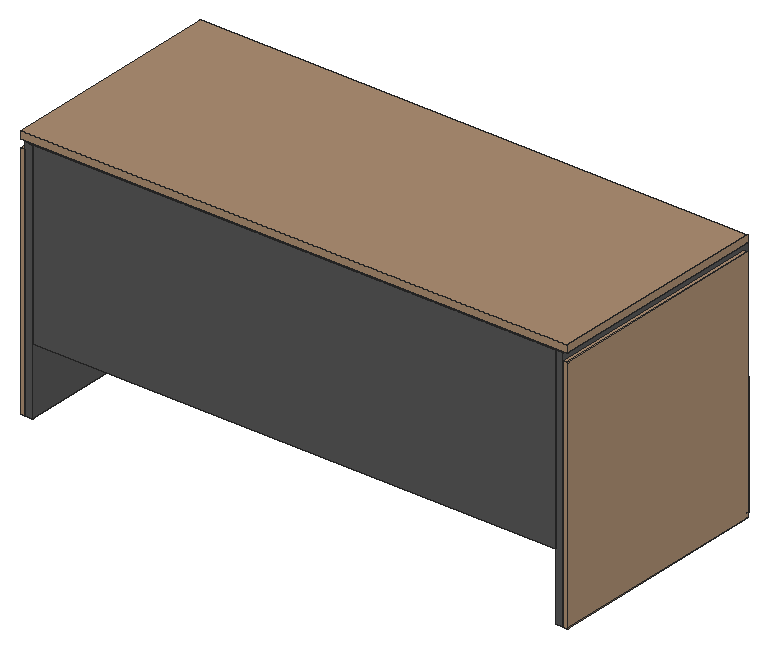
Revit family "Sanitary_Compound-Units_hansgrohe_54267XXX-Xilesa-E-Vanity-unit_1180-550_1-drawer_wash-bowl-countertop-basin", category Furniture, host Face, Revit 2022
Family settings
  Host = Face
  OmniClass Number = 23.21.19.15.33.13
  OmniClass Title = Residential Bathroom Specialty Casework
  Cut with Voids When Loaded = No
  Render Appearance Source = Family Geometry
  Shared = No
  Room Calculation Point = No
Parameters (values of type "550 Cashmere Oak")
  Version = 1  # constant formula
  URL = "https://www.hansgrohe.com/"
  Product data url = "https://www.bimobject.com/en/hansgrohe/product/54267XXX"
  Product Page URL = "https://www.hansgrohe.com/articledetail--54267550"
  Model = "54267XXX"  # constant formula
  Material 3 = Hansgrohe - Metal - Black
  Material 2 = Hansgrohe - MDF - Matt Black
  Material 1 = Hansgrohe - MDF - 550 Cashmere Oak
  Manufacturer = "Hansgrohe"  # constant formula
  Height = 0 mm
  Description = "Xilesa E Vanity unit 1180/550 with 1 drawer for consoles for wash bowl/counterstop basin ground"  # constant formula
  Default Elevation = 0 mm
  Date Updated = ""
  Date Created = "2024/02/03"  # constant formula
Types (5, lengths in mm): name | Material 1
  (no name) | Hansgrohe - MDF - 550 Cashmere Oak
  550 Cashmere Oak | Hansgrohe - MDF - 550 Cashmere Oak
  700 Matt White | Hansgrohe - MDF - 700 Matt White
  760 Slate Matt Grey | Hansgrohe - MDF - 760 Slate Matt Grey
  780 Sand Matt Beige | Hansgrohe - MDF - 780 Sand Matt Beige
Reference planes
  plane 1 "Center (Front/Back)": y = 0
  plane 2: z = 0
  plane 3 "Center (Left/Right)": x = 0
  plane 4: x = -590
  plane 5: x = 590
  plane 6: y = -500
  plane 7: z = 548
Dimensions and locks
  aligned and locked: plane 2 to host face
  aligned and locked: level to host face
Nested families
  nested 1: "54267XXX" at (0, -500, 0) x (1, 0, 0) z (0, 1, 0), Material 1 <- "Material 1", Material 2 <- "Material 2", Material 3 <- "Material 3", type "54267XXX"
    with Material 3 Hansgrohe - Metal - Black, Material 2 Hansgrohe - MDF - Matt Black, Material 1 Hansgrohe - MDF - 550 Cashmere Oak
Definition of nested family "54267XXX"
  Parameters (values of type "54267XXX")
    Version = 1  # constant formula
    URL = "https://www.hansgrohe.com/"
    Product data url = "https://www.bimobject.com/en/hansgrohe/product/54267XXX"
    Product Page URL = "https://www.hansgrohe.com/articledetail--54267550"
    Model = "54267XXX"  # constant formula
    Material 3 [instance] = none
    Material 2 [instance] = none
    Material 1 [instance] = none
    Manufacturer = "Hansgrohe"  # constant formula
    Description = "Xilesa E Vanity unit 1180/550 with 1 drawer for consoles for wash bowl/counterstop basin ground"  # constant formula
    Default Elevation = 1219.2 mm
    Date Updated = ""
    Date Created = "2024/12/16"  # constant formula
  Reference planes
    plane 1 "Center (Front/Back)": y = 0
    plane 2: z = 0
    plane 3 "Center (Left/Right)": x = 0
  Forms (mm)
    Extrusion 1, solid, material <- "Material 1", detail levels medium+fine
      sketch origin (0, 0, 0) x (1, 0, 0) y (0, 1, 0)
        loop
          line (-580.6, 0) -> (-589.2, 0)
          arc (-589.2, 0) -> (-589.766, -0.234) -> (-590, -0.8) r 0.8
          line (-590, -0.8) -> (-590, -513.9)
          arc (-590, -513.9) -> (-589.766, -514.466) -> (-589.2, -514.7) r 0.8
          line (-589.2, -514.7) -> (-580.6, -514.7)
          arc (-580.6, -514.7) -> (-580.034, -514.466) -> (-579.8, -513.9) r 0.8
          line (-579.8, -513.9) -> (-579.8, -0.8)
          arc (-579.8, -0.8) -> (-580.034, -0.234) -> (-580.6, 0) r 0.8
        loop
          arc (580.6, 0) -> (580.034, -0.234) -> (579.8, -0.8) r 0.8
          line (579.8, -0.8) -> (579.8, -513.9)
          arc (579.8, -513.9) -> (580.034, -514.466) -> (580.6, -514.7) r 0.8
          line (580.6, -514.7) -> (589.2, -514.7)
          arc (589.2, -514.7) -> (589.766, -514.466) -> (590, -513.9) r 0.8
          line (590, -513.9) -> (590, -0.8)
          arc (590, -0.8) -> (589.766, -0.234) -> (589.2, 0) r 0.8
          line (589.2, 0) -> (580.6, 0)
      from 0 to 485
    Extrusion 2, solid, material <- "Material 1", detail levels medium+fine
      sketch origin (0, -90, 0) x (1, 0, 0) y (0, 1, 0)
        loop
          line (-589.2, -458) -> (589.2, -458)
          arc (589.2, -458) -> (589.766, -457.766) -> (590, -457.2) r 0.8
          line (590, -457.2) -> (590, -442.5)
          arc (590, -442.5) -> (589.766, -441.934) -> (589.2, -441.7) r 0.8
          line (589.2, -441.7) -> (-589.2, -441.7)
          arc (-589.2, -441.7) -> (-589.766, -441.934) -> (-590, -442.5) r 0.8
          line (-590, -442.5) -> (-590, -457.2)
          arc (-590, -457.2) -> (-589.766, -457.766) -> (-589.2, -458) r 0.8
      from 0 to 485
    Extrusion 3, solid, material <- "Material 2", detail levels medium+fine
      sketch origin (0, 0, 0) x (1, 0, 0) y (0, 1, 0)
        loop
          line (-579.8, -0.8) -> (-579.8, -528.9)
          arc (-579.8, -528.9) -> (-579.566, -529.466) -> (-579, -529.7) r 0.8
          line (-579, -529.7) -> (-564.6, -529.7)
          arc (-564.6, -529.7) -> (-564.034, -529.466) -> (-563.8, -528.9) r 0.8
          line (-563.8, -528.9) -> (-563.8, -0.8)
          arc (-563.8, -0.8) -> (-564.034, -0.234) -> (-564.6, 0) r 0.8
          line (-564.6, 0) -> (-579, 0)
          arc (-579, 0) -> (-579.566, -0.234) -> (-579.8, -0.8) r 0.8
        loop
          arc (579.8, -0.8) -> (579.566, -0.234) -> (579, 0) r 0.8
          line (579, 0) -> (564.6, 0)
          arc (564.6, 0) -> (564.034, -0.234) -> (563.8, -0.8) r 0.8
          line (563.8, -0.8) -> (563.8, -528.9)
          arc (563.8, -528.9) -> (564.034, -529.466) -> (564.6, -529.7) r 0.8
          line (564.6, -529.7) -> (579, -529.7)
          arc (579, -529.7) -> (579.566, -529.466) -> (579.8, -528.9) r 0.8
          line (579.8, -528.9) -> (579.8, -0.8)
      from 0 to 500
    Extrusion 4, solid, material <- "Material 2", detail levels fine
      sketch origin (0, -80, 0) x (1, 0, 0) y (0, 1, 0)
        loop
          line (-563.8, -65.2) -> (-563.8, -81.2) -> (563.8, -81.2) -> (563.8, -65.2) -> (-563.8, -65.2)
      from 17 to 125
    Extrusion 5, solid, material <- "Material 2", detail levels fine
      sketch origin (0, -80, 0) x (1, 0, 0) y (0, 1, 0)
        loop
          line (-563.8, -64.7) -> (-563.8, -449.7) -> (563.8, -449.7) -> (563.8, -64.7) -> (-563.8, -64.7)
      from 1 to 17
    Extrusion 6, solid, material <- "Material 3", detail levels fine
      sketch origin (0, -170, 0) x (1, 0, 0) y (0, 1, 0)
        loop
          line (-562.3, -356.9) -> (-562.3, -329.2) -> (-563.8, -329.2) -> (-563.8, -356.9)
          arc (-563.8, -356.9) -> (-563.126, -358.527) -> (-561.5, -359.2) r 2.3
          line (-561.5, -359.2) -> (561.5, -359.2)
          arc (561.5, -359.2) -> (563.126, -358.527) -> (563.8, -356.9) r 2.3
          line (563.8, -356.9) -> (563.8, -329.2) -> (562.3, -329.2) -> (562.3, -356.9)
          arc (562.3, -356.9) -> (562.066, -357.466) -> (561.5, -357.7) r 0.8
          line (561.5, -357.7) -> (-561.5, -357.7)
          arc (-561.5, -357.7) -> (-562.066, -357.466) -> (-562.3, -356.9) r 0.8
      from 447.263 to 497.263
    Extrusion 7, solid, material <- "Material 2", detail levels fine
      sketch origin (0, -80, 1) x (1, 0, 0) y (0, 0, 1)
        loop
          line (-522.898, 33.98) -> (522.898, 33.98) -> (522.898, 48.98) -> (-522.898, 48.98) -> (-522.898, 33.98)
      from 109.4 to 451.7
    Extrusion 8, solid, material <- "Material 3", detail levels fine
      sketch origin (350, -80, 1) x (1, 0, 0) y (0, 0, 1)
        loop
          line (198.3, 213.03) -> (198.3, 231.03) -> (183.3, 231.03) -> (183.3, 224.03) -> (192.95, 224.03) -> (192.95, 213.03) -> (198.3, 213.03)
      from 88.7 to 362.7
    Extrusion 9, solid, material <- "Material 3", detail levels fine
      sketch origin (350, -80, 1) x (1, 0, 0) y (0, 0, 1)
        loop
          line (200.05, 211.28) -> (200.05, 232.78) -> (181.55, 232.78) -> (181.55, 211.28) -> (200.05, 211.28)
      from 451.7 to 362.7
    Extrusion 10, solid, material <- "Material 3", detail levels fine
      sketch origin (-50, -80, 1) x (1, 0, 0) y (0, 0, 1)
        loop
          line (-492.5, 223.8) -> (-492.5, 113.608) -> (-498.2, 97.947) -> (-498.2, 48) -> (-469.9, 48) -> (-469.9, 223.8) -> (-492.5, 223.8)
        loop
          line (592.5, 223.8) -> (569.9, 223.8) -> (569.9, 48) -> (598.2, 48) -> (598.2, 97.947) -> (592.5, 113.608) -> (592.5, 223.8)
      from 91.9 to 109.4
    Extrusion 11, void
      sketch origin (-50, -80, 1) x (1, 0, 0) y (0, 0, 1)
        loop
          line (-491.5, 222.8) -> (-491.5, 113.431) -> (-497.2, 97.771) -> (-497.2, 49) -> (-470.9, 49) -> (-470.9, 222.8) -> (-491.5, 222.8)
        loop
          line (591.5, 222.8) -> (570.9, 222.8) -> (570.9, 49) -> (597.2, 49) -> (597.2, 97.771) -> (591.5, 113.431) -> (591.5, 222.8)
      from 91.9 to 108.7
    Extrusion 12, solid, material <- "Material 2", detail levels fine
      sketch origin (0, -80, 1) x (0, 1, 0) y (0, 0, 1)
        loop
          line (-92.7, 32.5) -> (-92.7, 113.5)
          arc (-92.7, 113.5) -> (-92.847, 113.854) -> (-93.2, 114) r 0.5
          line (-93.2, 114) -> (-108.2, 114)
          arc (-108.2, 114) -> (-108.554, 113.854) -> (-108.7, 113.5) r 0.5
          line (-108.7, 113.5) -> (-108.7, 32.5)
          arc (-108.7, 32.5) -> (-108.554, 32.146) -> (-108.2, 32) r 0.5
          line (-108.2, 32) -> (-93.2, 32)
          arc (-93.2, 32) -> (-92.847, 32.146) -> (-92.7, 32.5) r 0.5
      from -520 to 520
    Extrusion 13, solid, material <- "Material 3", detail levels fine
      sketch origin (-350, -80, 1) x (-1, 0, 0) y (0, 0, -1)
        loop
          line (198.3, -213.03) -> (192.95, -213.03) -> (192.95, -224.03) -> (183.3, -224.03) -> (183.3, -231.03) -> (198.3, -231.03) -> (198.3, -213.03)
      from 88.7 to 362.7
    Extrusion 14, solid, material <- "Material 3", detail levels fine
      sketch origin (-350, -80, 1) x (-1, 0, 0) y (0, 0, -1)
        loop
          line (200.05, -211.28) -> (181.55, -211.28) -> (181.55, -232.78) -> (200.05, -232.78) -> (200.05, -211.28)
      from 451.7 to 362.7
    Extrusion 15, solid, material <- "Material 1", detail levels coarse
      sketch origin (0, 0, 0) x (1, 0, 0) y (0, 1, 0)
        loop
          line (-590, -547.999) -> (590, -547.999) -> (590, 0) -> (563.8, 0) -> (563.8, -531.699) -> (-563.8, -531.699) -> (-563.8, 0) -> (-590, 0) -> (-590, -547.999)
      from 0 to 500
    Extrusion 16, solid, material <- "Material 3", detail levels fine
      sketch origin (0, -80, 1) x (1, 0, 0) y (0, 0, 1)
        loop
          line (552.091, 33.98) -> (552.091, 115.48) -> (533.591, 115.48) -> (532.786, 100.114) -> (530.22, 99.98) -> (527.791, 53.623)
          arc (527.791, 53.623) -> (526.271, 50.325) -> (522.898, 48.98) r 4.9
          line (522.898, 48.98) -> (522.898, 33.98) -> (552.091, 33.98)
        loop
          line (-552.091, 33.98) -> (-522.898, 33.98) -> (-522.898, 48.98)
          arc (-522.898, 48.98) -> (-526.271, 50.325) -> (-527.791, 53.623) r 4.9
          line (-527.791, 53.623) -> (-530.22, 99.98) -> (-532.786, 100.114) -> (-533.591, 115.48) -> (-552.091, 115.48) -> (-552.091, 33.98)
      from 109.4 to 451.7
  Cuts and joins
    Extrusion 11 cuts Extrusion 10
  Lines and regions (mm)
    Masking region 1
      outline origin (0, 0, 0) x (1, 0, 0) y (0, 1, 0)
        loop
          arc (590, -0.8) -> (589.766, -0.234) -> (589.2, 0) r 0.8
          line (589.2, 0) -> (580.6, 0)
          arc (580.6, 0) -> (580.034, -0.234) -> (579.8, -0.8) r 0.8
          arc (579.8, -0.8) -> (579.566, -0.234) -> (579, 0) r 0.8
          line (579, 0) -> (564.6, 0)
          arc (564.6, 0) -> (564.034, -0.234) -> (563.8, -0.8) r 0.8
          line (563.8, -0.8) -> (563.8, -131.499) -> (563.8, -145.2) -> (0, -145.2) -> (-563.8, -145.2) -> (-563.8, -131.499) -> (-563.8, -0.8)
          arc (-563.8, -0.8) -> (-564.034, -0.234) -> (-564.6, 0) r 0.8
          line (-564.6, 0) -> (-579, 0)
          arc (-579, 0) -> (-579.566, -0.234) -> (-579.8, -0.8) r 0.8
          arc (-579.8, -0.8) -> (-580.034, -0.234) -> (-580.6, 0) r 0.8
          line (-580.6, 0) -> (-589.2, 0)
          arc (-589.2, 0) -> (-589.766, -0.234) -> (-590, -0.8) r 0.8
          line (-590, -0.8) -> (-590, -513.9)
          arc (-590, -513.9) -> (-589.766, -514.466) -> (-589.2, -514.7) r 0.8
          line (-589.2, -514.7) -> (-580.6, -514.7)
          arc (-580.6, -514.7) -> (-580.034, -514.466) -> (-579.8, -513.9) r 0.8
          line (-579.8, -513.9) -> (-579.8, -531.7) -> (-589.2, -531.7)
          arc (-589.2, -531.7) -> (-589.766, -531.934) -> (-590, -532.5) r 0.8
          line (-590, -532.5) -> (-590, -547.2)
          arc (-590, -547.2) -> (-589.766, -547.766) -> (-589.2, -548) r 0.8
          line (-589.2, -548) -> (0, -548) -> (589.2, -548)
          arc (589.2, -548) -> (589.766, -547.766) -> (590, -547.2) r 0.8
          line (590, -547.2) -> (590, -532.5)
          arc (590, -532.5) -> (589.766, -531.934) -> (589.2, -531.7) r 0.8
          line (589.2, -531.7) -> (579.8, -531.7) -> (579.8, -513.9)
          arc (579.8, -513.9) -> (580.034, -514.466) -> (580.6, -514.7) r 0.8
          line (580.6, -514.7) -> (589.2, -514.7)
          arc (589.2, -514.7) -> (589.766, -514.466) -> (590, -513.9) r 0.8
          line (590, -513.9) -> (590, -0.8)
    Masking region 2
      outline origin (0, 0, 0) x (0, 1, 0) y (0, 0, 1)
        loop
          line (-529.7, 500) -> (-529.7, 233.78) -> (-531.7, 233.78) -> (-531.7, 485) -> (-548, 485) -> (-548, 0) -> (-531.7, 0) -> (-531.7, 34.98) -> (-529.7, 34.98) -> (-529.7, 0) -> (0, 0) -> (0, 500) -> (-529.7, 500)
    Masking region 3
      outline origin (0, 0, 0) x (1, 0, 0) y (0, 0, 1)
        loop
          line (-590, 485) -> (-590, 0) -> (50, 0) -> (590, 0) -> (590, 485) -> (579.8, 485) -> (579.8, 500) -> (50, 500) -> (-579.8, 500) -> (-579.8, 485) -> (-590, 485)
    symbolic lines, detail levels medium+fine
      curve 1: line (579.8, -531.7, 0) -> (0, -531.7, 0)
      curve 2: line (563.8, -145.2, 0) -> (563.8, -531.7, 0)
      curve 3: line (579.8, -0.8, 0) -> (579.8, -513.9, 0)
      curve 4: line (563.8, -161.2, 0) -> (0, -161.2, 0)
      curve 21: line (0, -531.7, 34.98) -> (0, -531.7, 233.78)
      curve 22: line (0, -529.7, 233.78) -> (0, -529.7, 34.98)
      curve 25: line (0, -531.7, 211.28) -> (0, -529.7, 211.28)
      curve 26: line (0, -531.7, 116.48) -> (0, -529.7, 116.48)
      curve 27: line (-579.8, 0, 485) -> (579.8, 0, 485)
      curve 28: line (-563.8, 0, 500) -> (-563.8, 0, 485)
      curve 29: line (563.8, 0, 500) -> (563.8, 0, 485)
      curve 33: line (-579.8, -531.7, 0) -> (0, -531.7, 0)
      curve 34: line (-563.8, -145.2, 0) -> (-563.8, -531.7, 0)
      curve 35: line (-579.8, -0.8, 0) -> (-579.8, -513.9, 0)
      curve 36: line (-563.8, -161.2, 0) -> (0, -161.2, 0)
    symbolic lines, detail levels fine
      curve 5: line (552.091, -161.2, 0) -> (552.091, -461.199, 0)
      curve 6: line (530.22, -161.2, 0) -> (530.22, -171.9, 0)
      curve 7: line (533.3, -189.4, 0) -> (0, -189.4, 0)
      curve 8: line (548.3, -168.7, 0) -> (548.3, -527.7, 0)
      curve 9: line (533.3, -168.7, 0) -> (548.3, -168.7, 0)
      curve 10: line (0, -527.7, 0) -> (561.5, -527.7, 0)
      curve 11: arc (561.5, -527.7, 0) -> (562.066, -527.466, 0) -> (562.3, -526.9, 0) r 0.8
      curve 12: line (562.3, -526.9, 0) -> (562.3, -499.2, 0)
      curve 13: line (562.3, -499.2, 0) -> (563.8, -499.2, 0)
      curve 14: arc (563.8, -526.9, 0) -> (563.126, -528.527, 0) -> (561.5, -529.2, 0) r 2.3
      curve 15: line (561.5, -529.2, 0) -> (0, -529.2, 0)
      curve 16: line (552.091, -529.2, 0) -> (552.091, -531.7, 0)
      curve 17: line (550.05, -529.2, 0) -> (550.05, -531.7, 0)
      curve 18: line (533.3, -527.7, 0) -> (533.3, -168.7, 0)
      curve 19: line (531.55, -529.2, 0) -> (531.55, -531.7, 0)
      curve 20: line (530.22, -529.2, 0) -> (530.22, -531.7, 0)
      curve 23: line (0, 0, 485) -> (0, -514.7, 485)
      curve 24: line (0, -514.7, 485) -> (0, -514.7, 0)
      curve 30: line (530.22, -189.4, 0) -> (530.22, -527.7, 0)
      curve 31: line (0, -171.9, 0) -> (533.3, -171.9, 0)
      curve 32: line (552.091, -461.199, 0) -> (552.091, -527.7, 0)
      curve 37: line (-552.091, -161.2, 0) -> (-552.091, -461.199, 0)
      curve 38: line (-530.22, -161.2, 0) -> (-530.22, -171.9, 0)
      curve 39: line (-533.3, -189.4, 0) -> (0, -189.4, 0)
      curve 40: line (-548.3, -168.7, 0) -> (-548.3, -527.7, 0)
      curve 41: line (-533.3, -168.7, 0) -> (-548.3, -168.7, 0)
      curve 42: line (0, -527.7, 0) -> (-561.5, -527.7, 0)
      curve 43: arc (-561.5, -527.7, 0) -> (-562.066, -527.466, 0) -> (-562.3, -526.9, 0) r 0.8
      curve 44: line (-562.3, -526.9, 0) -> (-562.3, -499.2, 0)
      curve 45: line (-562.3, -499.2, 0) -> (-563.8, -499.2, 0)
      curve 46: arc (-563.8, -526.9, 0) -> (-563.126, -528.527, 0) -> (-561.5, -529.2, 0) r 2.3
      curve 47: line (-561.5, -529.2, 0) -> (0, -529.2, 0)
      curve 48: line (-552.091, -529.2, 0) -> (-552.091, -531.7, 0)
      curve 49: line (-550.05, -529.2, 0) -> (-550.05, -531.7, 0)
      curve 50: line (-533.3, -527.7, 0) -> (-533.3, -168.7, 0)
      curve 51: line (-531.55, -529.2, 0) -> (-531.55, -531.7, 0)
      curve 52: line (-530.22, -529.2, 0) -> (-530.22, -531.7, 0)
      curve 53: line (-530.22, -189.4, 0) -> (-530.22, -527.7, 0)
      curve 54: line (0, -171.9, 0) -> (-533.3, -171.9, 0)
      curve 55: line (-552.091, -461.199, 0) -> (-552.091, -527.7, 0)
  Dimensions and locks
    aligned and locked: level to plane 2
